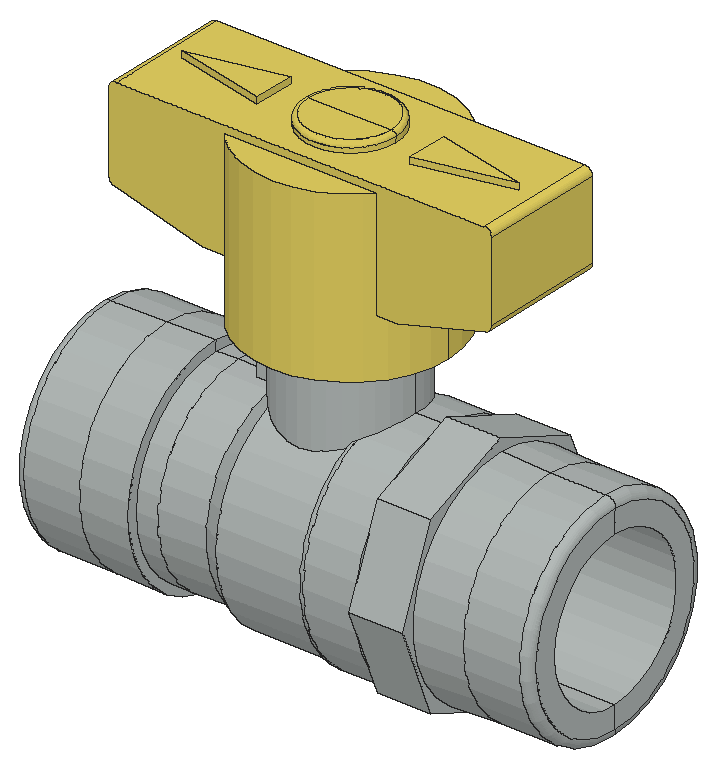
Revit family "QP25011020", category Apparecchi idraulici, Revit 2020
Family settings
  Quota connettore circolare = Usa diametro
  Tipo di parte = Normale
  Numero OmniClass = 23.45.00.00
  Titolo OmniClass = Sanitary, Laundry, and Cleaning Equipment
  Basato su piano di lavoro = No
  Sempre verticale = Sì
  Taglio con vuoti quando caricato = No
  Condiviso = No
  Punto di calcolo locali = No
Parameters
  URL = "https://web.cimberio.com/index.php/figura/1501?subcategoria_id=95698"
  Prospetto di default = 0 mm
  Produttore = "CIMBERIO SPA"
  Modello = "CIM 311RMG"
  Descrizione = "Utilizzato nell’impiantistica distributiva di gas a bassa pressione per le categorie:\r\nGas naturali: gas derivati dal petrolio (Metano) e gas di ricambio.\r\nGas di città: prodotti secondo i diversi procedimenti (Cracking - Cokerie - ecc.).\r\nGas liquidi: propano e miscele di gas propano/butano"
  DN Model [instance] = 0 mm
  DN = 20 mm
Reference planes
  plane 1 "Centro (Fronte/Retro)": y = 0
  plane 2: z = 0
  plane 3 "Centro (Sinistra/Destra)": x = 0
Forms (mm)
  Extrusion 1, solid, material "_CIM_Lega di ottone"
    sketch origin (-1.996, 0, 4.955) x (1, 0, 0) y (0, 0, 1)
      loop
        line (-4.446, 21.345) -> (-11.004, 21.345) -> (-11.004, 16.2) -> (-9.004, 15.045) -> (-9.004, 8.045) -> (-4.446, 8.045) -> (-4.446, 21.345)
    from 0 to 1.497
  Revolve 2, solid, material "_CIM Plastica maniglia"
    sketch origin (0, 0, 0) x (1, 0, 0) y (0, 0, 1)
      loop
        line (1.6, 22.8) -> (12.882, 22.8) -> (12.882, 44.8) -> (0, 44.8) -> (0, 39.843) -> (1.6, 39.843) -> (1.6, 22.8)
      axis (0, 44.8) -> (0, 22.8)
    angle from 0 to 360
  Revolve 3, solid, material "_CIM_Lega di ottone"
    sketch origin (0, 0, 0) x (1, 0, 0) y (0, 0, 1)
      loop
        arc (8.5, 20.5) -> (8.854, 20.646) -> (9, 21) r 0.5
        line (9, 21) -> (9, 31.632) -> (0, 31.632) -> (0, 9.805) -> (8.5, 9.805) -> (8.5, 20.5)
      axis (0, 31.632) -> (0, 9.805)
    angle from 0 to 360
  Revolve 4, solid, material "_CIM_Lega di ottone filetto"
    sketch origin (0, 0, 0) x (1, 0, 0) y (0, 0, 1)
      loop
        line (26.117, 14.15) -> (19.6, 14.378) -> (19.6, 10) -> (34.6, 10) -> (34.6, 12.95)
        arc (34.6, 12.95) -> (34.249, 13.799) -> (33.4, 14.15) r 1.2
        line (33.4, 14.15) -> (26.117, 14.15)
      axis (19.6, 0) -> (34.6, 0)
    angle from 0 to 360
  Extrusion 5, solid, material "_CIM Plastica maniglia"
    sketch origin (0, 0, 0) x (1, 0, 0) y (0, 0, 1)
      loop
        arc (-24, 45.8) -> (-24.707, 45.507) -> (-25, 44.8) r 1
        line (-25, 44.8) -> (-25, 34.567)
        arc (-25, 34.567) -> (-24.793, 33.959) -> (-24.259, 33.601) r 1
        line (-24.259, 33.601) -> (-12.721, 30.51) -> (12.721, 30.51) -> (24.259, 33.601)
        arc (24.259, 33.601) -> (24.793, 33.959) -> (25, 34.567) r 1
        line (25, 34.567) -> (25, 44.8)
        arc (25, 44.8) -> (24.707, 45.507) -> (24, 45.8) r 1
        line (24, 45.8) -> (-24, 45.8)
    from -8.229 to 8.159
  Revolve 6, solid, material "_CIM_Lega di ottone filetto"
    sketch origin (2.1, 0, 0) x (-1, 0, 0) y (0, 0, 1)
      loop
        line (26.117, 14.15) -> (19.6, 14.378) -> (19.6, 10) -> (34.6, 10) -> (34.6, 12.95)
        arc (34.6, 12.95) -> (34.249, 13.799) -> (33.4, 14.15) r 1.2
        line (33.4, 14.15) -> (26.117, 14.15)
      axis (19.6, 0) -> (34.6, 0)
    angle from 0 to 360
  Revolve 7, solid, material "_CIM_Lega di ottone"
    sketch origin (0, 0, 0) x (1, 0, 0) y (0, 0, 1)
      loop
        line (12.6, -10) -> (-17.5, -10) -> (-17.5, -13.15) -> (-14.606, -13.15) -> (-8.5, -13) -> (-5.902, -14.5) -> (5, -14.5)
        arc (5, -14.5) -> (5.366, -14.866) -> (5.866, -15) r 1
        line (5.866, -15) -> (12.6, -15) -> (12.6, -10)
      axis (-17.5, 0) -> (12.6, 0)
    angle from 0 to 360
  Extrusion 8, solid, material "_CIM_Lega di ottone"
    sketch origin (0, 0, 0) x (0, 1, 0) y (0, 0, 1)
      loop
        circle (0, 0) r 10
      loop
        line (0, 16) -> (-11.314, 11.314) -> (-16, 0) -> (-11.314, -11.314) -> (0, -16) -> (11.314, -11.314) -> (16, 0) -> (11.314, 11.314) -> (0, 16)
    from 12.6 to 19.6
  Revolve 9, solid, material "_CIM Plastica maniglia"
    sketch origin (0, 0, 0) x (1, 0, 0) y (0, 0, 1)
      loop
        line (0, 47) -> (0, 45.243) -> (6, 45.243) -> (6, 46.381)
        arc (6, 46.381) -> (5.819, 46.819) -> (5.381, 47) r 0.619
        line (5.381, 47) -> (0, 47)
      axis (0, 47) -> (0, 45.243)
    angle from 0 to 360
  Extrusion 10, solid, material "_CIM Plastica maniglia"
    sketch origin (-24, 0, 45.8) x (1, 0, 0) y (0, 1, 0)
      loop
        line (34, 2.75) -> (34, -2.75) -> (46, 0) -> (34, 2.75)
      loop
        line (14, 2.75) -> (2, 0) -> (14, -2.75) -> (14, 2.75)
    from 0 to 0.8
Dimensions and locks
  aligned and locked: level to plane 2
  aligned and locked: Extrusion 10 to import instance
Connectors
  piping at (19.6, 0, 0), diameter 20, driven by "DN"
    settings: on Extrusion 8, index 1, connector inside diameter 609.6 mm, connector length 0 mm, flow factor 0, pipe flow 0.0 L/s, pressure drop 0.0 Pa, fitting loss kfactor 0, connector angle 0.00°, fixture units 0, engagement length 0 mm, angle of deflection 0.00°, flow configuration 0, flow direction 0, fitting loss method 0, system type 7, joint type 0, gender type 0, connector reference index -1, connector utility 0, adjustable connector no, is connector primary yes, connector description ""
  piping at (-17.5, 0, 0), diameter 20, driven by "DN"
    settings: on Revolve 7, index 2, connector inside diameter 609.6 mm, connector length 0 mm, flow factor 0, pipe flow 0.0 L/s, pressure drop 0.0 Pa, fitting loss kfactor 0, connector angle 0.00°, fixture units 0, engagement length 0 mm, angle of deflection 0.00°, flow configuration 0, flow direction 0, fitting loss method 0, system type 7, joint type 0, gender type 0, connector reference index -1, connector utility 0, adjustable connector no, is connector primary no, connector description ""
